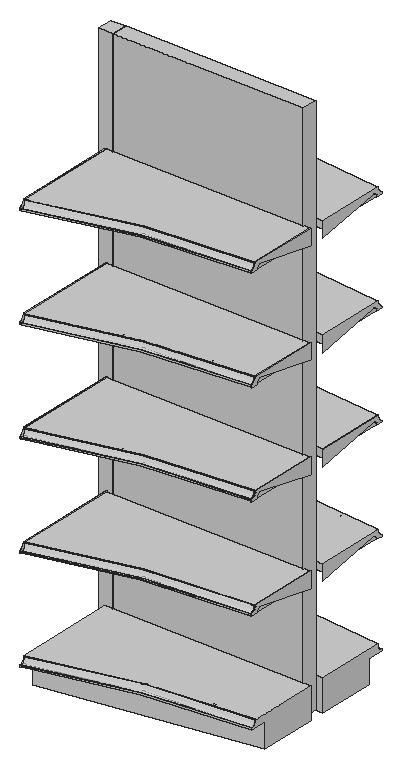
Revit family "ML15", category Specialty Equipment, Revit 2012 (continued)
Automatic sketch dimensions
  profile plane to Sweep 38 sketch curve = 0' - 0 7/8"
  Sweep 38 sketch curve to Sweep 38 sketch curve = 0' - 0.84303"
  Sweep 38 sketch curve to profile plane = 0' - 1 3/8"
  Sweep 38 sketch curve to Sweep 38 sketch curve = 0' - 1"
  Sweep 39 sketch curve to profile plane = 0' - 0"
  profile plane to Sweep 39 sketch curve = 0' - 0 1/8"
  Sweep 39 sketch curve to Sweep 39 sketch curve = 0' - 0 1/8"  (x5)
  profile plane to Sweep 39 sketch curve = 0' - 0 7/8"
  Sweep 39 sketch curve to Sweep 39 sketch curve = 0' - 0.84303"
  Sweep 39 sketch curve to profile plane = 0' - 1 3/8"
  Sweep 39 sketch curve to Sweep 39 sketch curve = 0' - 1"
  Sweep 40 sketch curve to profile plane = 0' - 0"
  profile plane to Sweep 40 sketch curve = 0' - 0 1/8"
  Sweep 40 sketch curve to Sweep 40 sketch curve = 0' - 0 1/8"  (x5)
  profile plane to Sweep 40 sketch curve = 0' - 0 7/8"
  Sweep 40 sketch curve to Sweep 40 sketch curve = 0' - 0.84303"
  Sweep 40 sketch curve to profile plane = 0' - 1 3/8"
  Sweep 40 sketch curve to Sweep 40 sketch curve = 0' - 1"
  radius of Extrusion 9 sketch curve = 0' - 0 1/8"  (x2)
  radius of Extrusion 10 sketch curve = 0' - 0 1/8"  (x2)
  radius of Extrusion 11 sketch curve = 0' - 0 1/8"  (x2)
  radius of Extrusion 12 sketch curve = 0' - 0 1/8"  (x2)
  radius of Extrusion 13 sketch curve = 0' - 0 1/8"  (x2)
  radius of Extrusion 14 sketch curve = 0' - 0 1/8"  (x2)
  radius of Extrusion 15 sketch curve = 0' - 0 1/8"  (x2)
  radius of Extrusion 16 sketch curve = 0' - 0 1/8"  (x2)
  radius of Extrusion 17 sketch curve = 0' - 0 1/8"  (x2)
  radius of Extrusion 18 sketch curve = 0' - 0 1/8"  (x2)
  radius of Extrusion 19 sketch curve = 0' - 0 1/8"  (x2)
  radius of Extrusion 20 sketch curve = 0' - 0 1/8"  (x2)
  radius of Extrusion 21 sketch curve = 0' - 0 1/8"  (x2)
  radius of Extrusion 22 sketch curve = 0' - 0 1/8"  (x2)
  radius of Extrusion 23 sketch curve = 0' - 0 1/8"  (x2)
  radius of Extrusion 24 sketch curve = 0' - 0 1/8"  (x2)
  radius of Extrusion 28 sketch curve = 0' - 0 1/8"  (x2)
